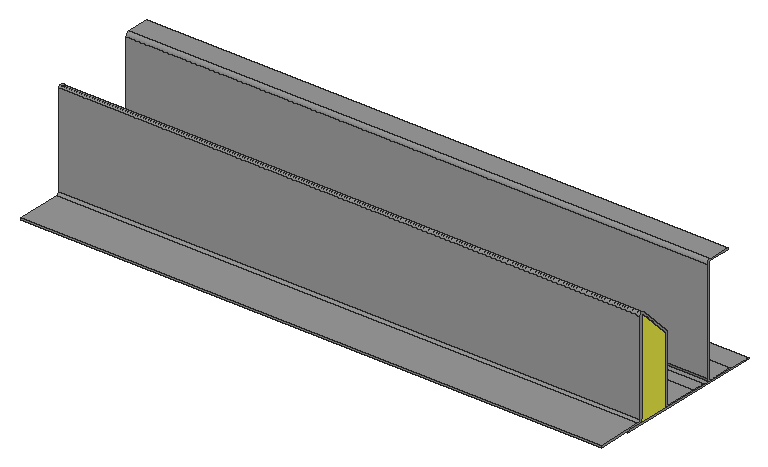
Revit family "L1 S 75 WOL 215", category Generic Models, Revit 2014
Parameters (values of type "Max linte length 3600mm")
  URL = "http://iglintels.com/"
  Structural Opening [instance] = 900 mm
  Structural Performance = "The IG lintel range has safe working loads as detailed in each applicable loading table in the Keystone Lintel Guide brochure. The structural performance figures within each table have been ascertained by testing in accordance with the requirements of standards BS EN 5977-2: 1983 and BS EN 845-2: 2003."
  RIBA Productor Selector = "available for Keystone Lintels Ltd from Keystone Lintels Ltd from ribaproductselector.com"
  Model = "L1/S 75 WOL 215"
  Min Length = 600 mm
  Min Clear Span = 300 mm
  Max Length = 3600 mm
  Max Clear Span = 3600 mm
  Material - Stainless Steel = "Grade 304 2b 1.4307 to BS EN 10088-2. Other grades available on request: contact manufacturer."
  Material - Galvanised Steel = "To BS EN 10346: 2009. DX51D plus Z600 or grade Z275 to BS 5977-2: 1983 (BS EN 845-2: 2003)."
  Manufacturer = "IG"
  Manufactured Length [instance] = (roundup(Effective Length / 150 mm) * 150 mm)  # 1200 mm
  Lintel height [instance] = 2100 mm
  Keynote = "F30/755"
  Fire Performance = "IG lintels have been subjected to a fire test (WARRES No. 101263) in accordance with BS 476-20: 1987, at Exova Warrington Fire and achieved a one hour fire performance."
  End Bearing = 150 mm
  Effective Length [instance] = Clear Opening with MIN MAX set + End Bearing * 2  # 1200 mm
  Corrosion = "IG’s standard range of lintels are manufactured from high quality grade pre-galvanized carbon steel with a zinc coating of 600"
  Contact Tel = "01633 486 486"
  Contact Email = "info@igltd.co.uk"
  Clear Opening with MIN MAX set [instance] = if(Structural Opening < Min Clear Span, Min Clear Span, (if(Structural Opening > Max Clear Span, Max Clear Span, Structural Opening)))  # 900 mm
  CPD Information = "Available for Keystone Lintels Ltd from ribacpd.com"
Reference planes
  plane 1 "Center (Front/Back)": y = 0
  plane 2: z = 0
  plane 3 "Center (Left/Right)": x = 0
  plane 4: x = -600
  plane 5: x = 600
  plane 6: z = 2100
  plane 7: x = -450
  plane 8: x = 450
Forms (mm)
  Extrusion 1, solid, material "Steel"
    sketch origin (0, 770.568, -498.741) x (0, 1, 0) y (0, 0, 1)
      loop
        line (-810.986, 2601.641) -> (-905.986, 2601.641) -> (-905.986, 2598.741) -> (-810.986, 2598.741)
        arc (-810.986, 2598.741) -> (-805.4, 2601.055) -> (-803.086, 2606.641) r 7.9
        line (-803.086, 2606.641) -> (-803.086, 2797.86)
        arc (-803.086, 2797.86) -> (-801.849, 2799.708) -> (-799.668, 2799.27) r 2
        line (-799.668, 2799.27) -> (-741.468, 2740.783)
        arc (-741.468, 2740.783) -> (-741.037, 2740.136) -> (-740.886, 2739.373) r 2
        line (-740.886, 2739.373) -> (-740.886, 2606.641)
        arc (-740.886, 2606.641) -> (-738.572, 2601.055) -> (-732.986, 2598.741) r 7.9
        line (-732.986, 2598.741) -> (-667.986, 2598.741) -> (-642.986, 2598.741) -> (-642.986, 2601.641) -> (-667.986, 2601.641) -> (-732.986, 2601.641)
        arc (-732.986, 2601.641) -> (-736.522, 2603.106) -> (-737.986, 2606.641) r 5
        line (-737.986, 2606.641) -> (-737.986, 2739.373)
        arc (-737.986, 2739.373) -> (-738.357, 2741.242) -> (-739.413, 2742.829) r 4.9
        line (-739.413, 2742.829) -> (-797.613, 2801.316)
        arc (-797.613, 2801.316) -> (-802.956, 2802.389) -> (-805.986, 2797.86) r 4.9
        line (-805.986, 2797.86) -> (-805.986, 2606.641)
        arc (-805.986, 2606.641) -> (-807.451, 2603.106) -> (-810.986, 2601.641) r 5
    from -600 to 600
  Extrusion 2, solid, material "Steel"
    sketch origin (0, 771.068, -498.741) x (0, 1, 0) y (0, 0, 1)
      loop
        line (-580.486, 2821.741) -> (-580.486, 2824.241) -> (-625.486, 2824.241)
        arc (-625.486, 2824.241) -> (-630.789, 2822.044) -> (-632.986, 2816.741) r 7.5
        line (-632.986, 2816.741) -> (-632.986, 2606.241)
        arc (-632.986, 2606.241) -> (-630.789, 2600.938) -> (-625.486, 2598.741) r 7.5
        line (-625.486, 2598.741) -> (-575.486, 2598.741) -> (-575.486, 2601.241) -> (-625.486, 2601.241)
        arc (-625.486, 2601.241) -> (-629.022, 2602.706) -> (-630.486, 2606.241) r 5
        line (-630.486, 2606.241) -> (-630.486, 2816.741)
        arc (-630.486, 2816.741) -> (-629.022, 2820.277) -> (-625.486, 2821.741) r 5
        line (-625.486, 2821.741) -> (-580.486, 2821.741)
    from -600 to 600
  Extrusion 3, solid, material "Steel"
    sketch origin (0, 771.568, -498.741) x (0, 1, 0) y (0, 0, 1)
      loop
        line (-527.986, 2596.241) -> (-527.986, 2598.741) -> (-837.986, 2598.741) -> (-837.986, 2596.241) -> (-527.986, 2596.241)
    from -600 to 600
  Extrusion 4, solid, material "Insulation"
    sketch origin (0, 770.568, -498.741) x (0, 1, 0) y (0, 0, 1)
      loop
        line (-810.986, 2598.741) -> (-732.986, 2598.741)
        arc (-732.986, 2598.741) -> (-738.572, 2601.055) -> (-740.886, 2606.641) r 7.9
        line (-740.886, 2606.641) -> (-740.886, 2739.373)
        arc (-740.886, 2739.373) -> (-741.037, 2740.136) -> (-741.468, 2740.783) r 2
        line (-741.468, 2740.783) -> (-799.668, 2799.27)
        arc (-799.668, 2799.27) -> (-801.849, 2799.708) -> (-803.086, 2797.86) r 2
        line (-803.086, 2797.86) -> (-803.086, 2606.641)
        arc (-803.086, 2606.641) -> (-805.4, 2601.055) -> (-810.986, 2598.741) r 7.9
    from -600 to 600
  Extrusion 5, solid, not visible
    sketch origin (0, 795.536, 1200.008) x (0, 1, 0) y (0, 0, 1)
      loop
        line (-580.486, 1221.741) -> (-580.486, 1224.241) -> (-625.486, 1224.241)
        arc (-625.486, 1224.241) -> (-630.789, 1222.044) -> (-632.986, 1216.741) r 7.5
        line (-632.986, 1216.741) -> (-632.986, 1006.241)
        arc (-632.986, 1006.241) -> (-630.789, 1000.938) -> (-625.486, 998.741) r 7.5
        line (-625.486, 998.741) -> (-575.486, 998.741) -> (-575.486, 1001.241) -> (-625.486, 1001.241)
        arc (-625.486, 1001.241) -> (-629.022, 1002.706) -> (-630.486, 1006.241) r 5
        line (-630.486, 1006.241) -> (-630.486, 1216.741)
        arc (-630.486, 1216.741) -> (-629.022, 1220.277) -> (-625.486, 1221.741) r 5
        line (-625.486, 1221.741) -> (-580.486, 1221.741)
    from 0 to 250
  Extrusion 6, solid, not visible
    sketch origin (0, 584.799, 1209.845) x (0, 1, 0) y (0, 0, 1)
      loop
        line (-810.986, 1001.641) -> (-905.986, 1001.641) -> (-905.986, 998.741) -> (-810.986, 998.741)
        arc (-810.986, 998.741) -> (-805.4, 1001.055) -> (-803.086, 1006.641) r 7.9
        line (-803.086, 1006.641) -> (-803.086, 1197.86)
        arc (-803.086, 1197.86) -> (-801.849, 1199.708) -> (-799.668, 1199.27) r 2
        line (-799.668, 1199.27) -> (-741.468, 1140.783)
        arc (-741.468, 1140.783) -> (-741.037, 1140.136) -> (-740.886, 1139.373) r 2
        line (-740.886, 1139.373) -> (-740.886, 1006.641)
        arc (-740.886, 1006.641) -> (-738.572, 1001.055) -> (-732.986, 998.741) r 7.9
        line (-732.986, 998.741) -> (-667.986, 998.741) -> (-642.986, 998.741) -> (-642.986, 1001.641) -> (-667.986, 1001.641) -> (-732.986, 1001.641)
        arc (-732.986, 1001.641) -> (-736.522, 1003.106) -> (-737.986, 1006.641) r 5
        line (-737.986, 1006.641) -> (-737.986, 1139.373)
        arc (-737.986, 1139.373) -> (-738.357, 1141.242) -> (-739.413, 1142.829) r 4.9
        line (-739.413, 1142.829) -> (-797.613, 1201.316)
        arc (-797.613, 1201.316) -> (-802.956, 1202.389) -> (-805.986, 1197.86) r 4.9
        line (-805.986, 1197.86) -> (-805.986, 1006.641)
        arc (-805.986, 1006.641) -> (-807.451, 1003.106) -> (-810.986, 1001.641) r 5
    from 0 to 250
  Extrusion 7, solid, not visible
    sketch origin (0, 926.304, 1007.143) x (0, 1, 0) y (0, 0, 1)
      loop
        line (-527.986, 996.241) -> (-527.986, 998.741) -> (-837.986, 998.741) -> (-837.986, 996.241) -> (-527.986, 996.241)
    from 0 to 250
  Extrusion 8, solid, not visible
    sketch origin (0, 621.29, 814.302) x (0, 1, 0) y (0, 0, 1)
      loop
        line (-810.986, 998.741) -> (-732.986, 998.741)
        arc (-732.986, 998.741) -> (-738.572, 1001.055) -> (-740.886, 1006.641) r 7.9
        line (-740.886, 1006.641) -> (-740.886, 1139.373)
        arc (-740.886, 1139.373) -> (-741.037, 1140.136) -> (-741.468, 1140.783) r 2
        line (-741.468, 1140.783) -> (-799.668, 1199.27)
        arc (-799.668, 1199.27) -> (-801.849, 1199.708) -> (-803.086, 1197.86) r 2
        line (-803.086, 1197.86) -> (-803.086, 1006.641)
        arc (-803.086, 1006.641) -> (-805.4, 1001.055) -> (-810.986, 998.741) r 7.9
    from 0 to 250
Dimensions and locks
  equal spacing: plane 4, plane 3 "Center (Left/Right)", plane 5
  "Manufactured Length": plane 4 to plane 5
  "Lintel height": plane 6 to level
  "Structural Opening": plane 7 to plane 8
  equal spacing: plane 7, plane 3 "Center (Left/Right)", plane 8
  aligned and locked: level to plane 2
  aligned and locked: Extrusion 1 to plane 6
  aligned and locked: Extrusion 4 to plane 6
  aligned and locked: Extrusion 2 to plane 6
  aligned and locked: plane 6 to Extrusion 3
  aligned and locked: plane 5 to Extrusion 1
  aligned and locked: Extrusion 1 to plane 4
  aligned and locked: plane 5 to Extrusion 3
  aligned and locked: Extrusion 3 to plane 4
  aligned and locked: plane 5 to Extrusion 2
  aligned and locked: Extrusion 2 to plane 4
  aligned and locked: plane 5 to Extrusion 4
  aligned and locked: Extrusion 4 to plane 4
Automatic sketch dimensions
  Extrusion 1 sketch curve to Extrusion 1 sketch curve = 95 mm
  Extrusion 1 sketch curve to Extrusion 1 sketch curve = 2.9 mm
  Extrusion 1 sketch curve to Extrusion 1 sketch curve = 0 mm  (x18)
  Extrusion 1 sketch curve to Extrusion 1 sketch curve = 5 mm  (x2)
  Extrusion 1 sketch curve to Extrusion 1 sketch curve = 191.219 mm
  Extrusion 1 sketch curve to Extrusion 1 sketch curve = 2 mm
  Extrusion 1 sketch curve to Extrusion 1 sketch curve = 1.418 mm  (x2)
  Extrusion 1 sketch curve to Extrusion 1 sketch curve = 2.056 mm  (x2)
  Extrusion 1 sketch curve to Extrusion 1 sketch curve = 58.2 mm
  Extrusion 1 sketch curve to Extrusion 1 sketch curve = 58.487 mm
  Extrusion 1 sketch curve to Extrusion 1 sketch curve = 2.046 mm
  Extrusion 1 sketch curve to Extrusion 1 sketch curve = 1.411 mm
  Extrusion 1 sketch curve to Extrusion 1 sketch curve = 65 mm
  Extrusion 1 sketch curve to Extrusion 1 sketch curve = 25 mm
  Extrusion 2 sketch curve to Extrusion 2 sketch curve = 45 mm
  Extrusion 2 sketch curve to Extrusion 2 sketch curve = 2.5 mm
  Extrusion 2 sketch curve to Extrusion 2 sketch curve = 0 mm  (x8)
  Extrusion 2 sketch curve to Extrusion 2 sketch curve = 5 mm  (x2)
  Extrusion 2 sketch curve to Extrusion 2 sketch curve = 210.5 mm
  Extrusion 2 sketch curve to Extrusion 2 sketch curve = 50 mm
  Extrusion 3 sketch curve to Extrusion 3 sketch curve = 310 mm
  Extrusion 3 sketch curve to Extrusion 3 sketch curve = 2.5 mm
  Extrusion 4 sketch curve to Extrusion 4 sketch curve = 7.9 mm  (x3)
  Extrusion 4 sketch curve to Extrusion 4 sketch curve = 70.1 mm
  Extrusion 4 sketch curve to Extrusion 4 sketch curve = 0 mm  (x3)
  Extrusion 4 sketch curve to Extrusion 4 sketch curve = 132.731 mm
  Extrusion 4 sketch curve to Extrusion 4 sketch curve = 58.487 mm
  Extrusion 4 sketch curve to Extrusion 4 sketch curve = 2 mm
  Extrusion 4 sketch curve to Extrusion 4 sketch curve = 0.582 mm
  Extrusion 4 sketch curve to Extrusion 4 sketch curve = 3.418 mm
  Extrusion 4 sketch curve to Extrusion 4 sketch curve = 1.411 mm
  Extrusion 5 sketch curve to Extrusion 5 sketch curve = 45 mm
  Extrusion 5 sketch curve to Extrusion 5 sketch curve = 2.5 mm
  Extrusion 5 sketch curve to Extrusion 5 sketch curve = 0 mm  (x8)
  Extrusion 5 sketch curve to Extrusion 5 sketch curve = 5 mm  (x2)
  Extrusion 5 sketch curve to Extrusion 5 sketch curve = 210.5 mm
  Extrusion 5 sketch curve to Extrusion 5 sketch curve = 50 mm
  Extrusion 6 sketch curve to Extrusion 6 sketch curve = 95 mm
  Extrusion 6 sketch curve to Extrusion 6 sketch curve = 2.9 mm
  Extrusion 6 sketch curve to Extrusion 6 sketch curve = 0 mm  (x18)
  Extrusion 6 sketch curve to Extrusion 6 sketch curve = 5 mm  (x2)
  Extrusion 6 sketch curve to Extrusion 6 sketch curve = 191.219 mm
  Extrusion 6 sketch curve to Extrusion 6 sketch curve = 2 mm
  Extrusion 6 sketch curve to Extrusion 6 sketch curve = 1.418 mm  (x2)
  Extrusion 6 sketch curve to Extrusion 6 sketch curve = 2.056 mm  (x2)
  Extrusion 6 sketch curve to Extrusion 6 sketch curve = 58.2 mm
  Extrusion 6 sketch curve to Extrusion 6 sketch curve = 58.487 mm
  Extrusion 6 sketch curve to Extrusion 6 sketch curve = 2.046 mm
  Extrusion 6 sketch curve to Extrusion 6 sketch curve = 1.411 mm
  Extrusion 6 sketch curve to Extrusion 6 sketch curve = 65 mm
  Extrusion 6 sketch curve to Extrusion 6 sketch curve = 25 mm
  Extrusion 7 sketch curve to Extrusion 7 sketch curve = 310 mm
  Extrusion 7 sketch curve to Extrusion 7 sketch curve = 2.5 mm
  Extrusion 8 sketch curve to Extrusion 8 sketch curve = 7.9 mm  (x3)
  Extrusion 8 sketch curve to Extrusion 8 sketch curve = 70.1 mm
  Extrusion 8 sketch curve to Extrusion 8 sketch curve = 0 mm  (x3)
  Extrusion 8 sketch curve to Extrusion 8 sketch curve = 132.731 mm
  Extrusion 8 sketch curve to Extrusion 8 sketch curve = 58.487 mm
  Extrusion 8 sketch curve to Extrusion 8 sketch curve = 2 mm
  Extrusion 8 sketch curve to Extrusion 8 sketch curve = 0.582 mm
  Extrusion 8 sketch curve to Extrusion 8 sketch curve = 3.418 mm
  Extrusion 8 sketch curve to Extrusion 8 sketch curve = 1.411 mm
  Extrusion 4 sketch curve to plane 6 = 0 mm
  plane 1 "Center (Front/Back)" to Extrusion 4 sketch curve = 40.418 mm
  Extrusion 1 sketch curve to plane 6 = 0 mm
  plane 1 "Center (Front/Back)" to Extrusion 1 sketch curve = 135.418 mm
  Extrusion 3 sketch curve to plane 6 = 0 mm
  plane 1 "Center (Front/Back)" to Extrusion 3 sketch curve = 66.418 mm
  Extrusion 2 sketch curve to plane 6 = 0 mm
  Extrusion 2 sketch curve to plane 1 "Center (Front/Back)" = 138.082 mm
